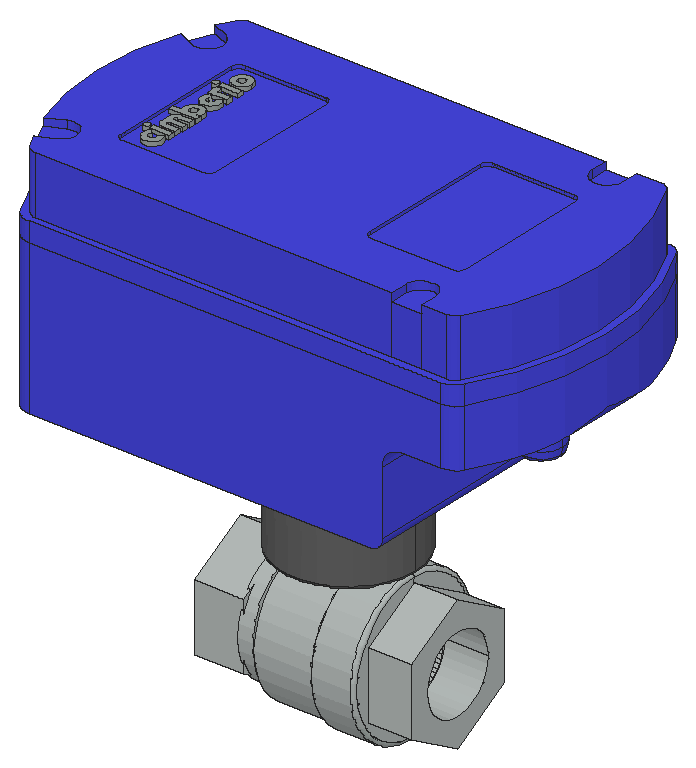
Revit family "QD29660000", category Apparecchi idraulici, Revit 2020
Family settings
  Quota connettore circolare = Usa diametro
  Tipo di parte = Normale
  Numero OmniClass = 23.45.00.00
  Titolo OmniClass = Sanitary, Laundry, and Cleaning Equipment
  Basato su piano di lavoro = No
  Sempre verticale = Sì
  Taglio con vuoti quando caricato = No
  Condiviso = No
  Punto di calcolo locali = No
Parameters
  URL = "https://web.cimberio.it/index.php/figura/1103?subcategoria_id=74926"
  Temperatura di esercizio = "-20 ÷ 150°C"
  Prospetto di default = 0 mm
  Produttore = "CIMBERIO SPA"
  Pressione nominale = "PN 45 (3/4\" ÷ 1\"); PN 35 (1\"1/4)"
  Modello = "Cim 602RE24"
  Materiale = "Prodotto in lega di ottone conforme alla norma EN 12165-CW617N-DW"
  Descrizione = "Utilizzato nei più svariati settori dell'impiantistica: impianti di riscaldamento, condizionamento, idrici, igienico-sanitari, aria compressa e in generale con ogni fluido non corrosivo.\r\nParticolarmente indicato come valvola di zona per la regolazione e contabilizzazione di impianti di riscaldamento singoli o a zone, impianti con utilizzazione di energie alternative, impianti con fluidi caldi o freddi e impianti di automazione in genere"
  DN Model [instance] = QD29661020 : QD29661020
  DN [instance] = 20 mm
  Commenti sul tipo = "Realizzato in ottemperanza ai requisiti gestionali della norma EN ISO 9001.\r\nCollaudato al 100% secondo la normativa EN 12266-1."
Reference planes
  plane 1 "Centro (Fronte/Retro)": y = 0
  plane 2: z = 0
  plane 3 "Centro (Sinistra/Destra)": x = 0
Dimensions and locks
  aligned and locked: level to plane 2
Nested families
  nested 1: "QD29661020" at (0, 0, 0), type <- "DN Model", type "QD29661020"
  nested 2: "QD29661020" at (0, 0, 0), type <- "DN Model", type "QD29661020"
  nested 3: "QD29661020" at (0, 0, 0), type <- "DN Model", type "QD29661020"
Connectors
  piping at (-28, 0, 0), diameter 20, driven by "DN"
    settings: on nested 1, index 1, connector inside diameter 609.6 mm, connector length 0 mm, flow factor 0, pipe flow 0.0 L/s, pressure drop 0.0 Pa, fitting loss kfactor 0, connector angle 0.00°, fixture units 0, engagement length 0 mm, angle of deflection 0.00°, flow configuration 0, flow direction 0, fitting loss method 0, system type 7, joint type 0, gender type 0, connector reference index -1, connector utility 0, adjustable connector no, is connector primary yes, connector description ""
  piping at (28.6, 0, 0), diameter 20, driven by "DN"
    settings: on nested 1, index 2, connector inside diameter 609.6 mm, connector length 0 mm, flow factor 0, pipe flow 0.0 L/s, pressure drop 0.0 Pa, fitting loss kfactor 0, connector angle 0.00°, fixture units 0, engagement length 0 mm, angle of deflection 0.00°, flow configuration 0, flow direction 0, fitting loss method 0, system type 7, joint type 0, gender type 0, connector reference index -1, connector utility 0, adjustable connector no, is connector primary no, connector description ""
Definition of nested family "QD29661020"
  Parameters (values of type "QD29661020")
    URL = "https://web.cimberio.it/index.php/figura/394?subcategoria_id="
    Temperatura di esercizio = "-10 ÷ 95°C"
    Default Elevation = 0 mm
    Manufacturer = "CIMBERIO SPA"
    Pressione nominale = "PN 16"
    Model = "Cim 32"
    Materiale = "Prodotto in lega di ottone conforme alla norma EN 12165-CW617N-DW"
    Description = "Impiegato nei più svariati settori dell'impiantistica in condutture anti-ritorno per: reti di distribuzione acqua potabile, impianti di riscaldamento, condizionamento, igienico-sanitari e in generale con ogni fluido non corrosivo."
    DN [instance] = 50 mm
    Type Comments = "Realizzato in ottemperanza ai requisiti gestionali della norma EN ISO 9001.\r\nCollaudato al 100% secondo la normativa EN 12266-1"
  Reference planes
    plane 1 "Centro (Fronte/Retro)": y = 0
    plane 2: z = 0
    plane 3 "Centro (Sinistra/Destra)": x = 0
  Forms (mm)
    Revolve 1, solid
      sketch origin (2.05, 0, 0) x (1, 0, 0) y (0, 0, 1)
        loop
          line (-11.8, -18.5) -> (2.95, -18.5) -> (3.95, -19.5) -> (14.05, -19.5)
          arc (14.05, -19.5) -> (14.757, -19.207) -> (15.05, -18.5) r 1
          line (15.05, -18.5) -> (15.05, -10) -> (-17.928, -10) -> (-17.928, -16.25) -> (-14.05, -16.25) -> (-11.8, -18.5)
        axis (-17.928, 0) -> (15.05, 0)
      angle from 0 to 360
    Extrusion 2, solid
      sketch origin (0, 0, 0) x (0, 1, 0) y (0, 0, 1)
        loop
          circle (0, 0) r 10
        loop
          line (0, 17.35) -> (-15.026, 8.675) -> (-15.026, -8.675) -> (0, -17.35) -> (15.026, -8.675) -> (15.026, 8.675) -> (0, 17.35)
      from -28 to -15.211
    Revolve 3, solid
      sketch origin (2.097, 0, 0) x (1, 0, 0) y (0, 0, 1)
        loop
          line (7.331, 37.805) -> (0, 37.805) -> (0, 13.864) -> (7.331, 13.864) -> (7.331, 37.805)
        axis (0, 37.805) -> (0, 13.864)
      angle from 0 to 360
    Extrusion 4, solid
      sketch origin (2.097, 0, 0) x (1, 0, 0) y (0, 0, 1)
        loop
          line (-11.431, 34.091) -> (-11.431, 13.864) -> (-6.253, 13.864) -> (-6.253, 34.091) -> (-11.431, 34.091)
      from -0.812 to 0.713
    Revolve 5, solid
      sketch origin (0, 0, -3.5) x (1, 0, 0) y (0, 0, 1)
        loop
          line (0, 51.8) -> (0, 36.671) -> (3.652, 36.671) -> (3.652, 23.3) -> (16.983, 23.3)
          arc (16.983, 23.3) -> (17.427, 23.419) -> (17.69, 23.796) r 0.672
          line (17.69, 23.796) -> (17.955, 46.8) -> (19, 46.8)
          arc (19, 46.8) -> (19.707, 47.093) -> (20, 47.8) r 1
          line (20, 47.8) -> (20, 51.8) -> (0, 51.8)
        axis (0, 51.8) -> (0, 23.3)
      angle from 0 to 360
    Extrusion 6, solid
      sketch origin (0, 0, -3.5) x (1, 0, 0) y (0, 1, 0)
        loop
          arc (-53.687, 37) -> (-56.156, 36.347) -> (-57.982, 34.56) r 5
          arc (-57.982, 34.56) -> (-67.5, 0) -> (-57.982, -34.56) r 67.5
          arc (-57.982, -34.56) -> (-56.156, -36.347) -> (-53.687, -37) r 5
          line (-53.687, -37) -> (53.687, -37)
          arc (53.687, -37) -> (56.156, -36.347) -> (57.982, -34.56) r 5
          arc (57.982, -34.56) -> (67.5, 0) -> (57.982, 34.56) r 67.5
          arc (57.982, 34.56) -> (56.156, 36.347) -> (53.687, 37) r 5
          line (53.687, 37) -> (-53.687, 37)
      from 51.8 to 91.8
    Extrusion 7, solid
      sketch origin (0, 0, 36.5) x (1, 0, 0) y (0, 1, 0)
        loop
          arc (-53.687, 37) -> (-56.156, 36.347) -> (-57.982, 34.56) r 5
          arc (-57.982, 34.56) -> (-67.5, 0) -> (-57.982, -34.56) r 67.5
          arc (-57.982, -34.56) -> (-56.156, -36.347) -> (-53.687, -37) r 5
          line (-53.687, -37) -> (53.687, -37)
          arc (53.687, -37) -> (56.156, -36.347) -> (57.982, -34.56) r 5
          arc (57.982, -34.56) -> (67.5, 0) -> (57.982, 34.56) r 67.5
          arc (57.982, 34.56) -> (56.156, 36.347) -> (53.687, 37) r 5
          line (53.687, 37) -> (-53.687, 37)
      from 51.8 to 56.8
    Extrusion 8, solid
      sketch origin (0, 0, -3.5) x (1, 0, 0) y (0, 1, 0)
        loop
          arc (-53.687, 35) -> (-55.168, 34.608) -> (-56.264, 33.536) r 3
          arc (-56.264, 33.536) -> (-57.395, 31.561) -> (-58.457, 29.547) r 65.5
          arc (-58.457, 29.547) -> (-60.152, 25.922) -> (-61.623, 22.2) r 65.5
          arc (-61.623, 22.2) -> (-65.5, 0) -> (-61.623, -22.2) r 65.5
          arc (-61.623, -22.2) -> (-60.152, -25.922) -> (-58.457, -29.547) r 65.5
          arc (-58.457, -29.547) -> (-57.395, -31.561) -> (-56.264, -33.536) r 65.5
          arc (-56.264, -33.536) -> (-55.168, -34.608) -> (-53.687, -35) r 3
          line (-53.687, -35) -> (39.293, -35) -> (47.293, -35) -> (53.687, -35)
          arc (53.687, -35) -> (55.168, -34.608) -> (56.264, -33.536) r 3
          arc (56.264, -33.536) -> (65.5, 0) -> (56.264, 33.536) r 65.5
          arc (56.264, 33.536) -> (55.168, 34.608) -> (53.687, 35) r 3
          line (53.687, 35) -> (47.293, 35) -> (39.293, 35) -> (-53.687, 35)
      from 96.8 to 111.8
    Extrusion 9, void
      sketch origin (0, 0, -3.5) x (1, 0, 0) y (0, 1, 0)
        loop
          arc (-57.295, 20.329) -> (-52.036, 22.412) -> (-54.12, 27.671) r 4
          line (-54.12, 27.671) -> (-59.289, 29.907) -> (-62.465, 22.564) -> (-57.295, 20.329)
        loop
          arc (-54.12, -27.671) -> (-52.036, -22.412) -> (-57.295, -20.329) r 4
          line (-57.295, -20.329) -> (-62.083, -22.399) -> (-58.908, -29.742) -> (-54.12, -27.671)
        loop
          arc (39.293, 30.5) -> (43.293, 26.5) -> (47.293, 30.5) r 4
          line (47.293, 30.5) -> (47.293, 35.946) -> (39.293, 35.946) -> (39.293, 30.5)
        loop
          line (39.293, -30.43) -> (39.293, -35) -> (47.293, -35) -> (47.293, -30.5)
          arc (47.293, -30.5) -> (43.293, -26.5) -> (39.293, -30.5) r 4
      from 109.8 to 117.274
    Extrusion 10, void
      sketch origin (0, 0, -3.5) x (1, 0, 0) y (0, 1, 0)
        loop
          line (-21.999, 20) -> (-43.001, 20)
          arc (-43.001, 20) -> (-44.415, 19.414) -> (-45, 18) r 2
          line (-45, 18) -> (-45, -18)
          arc (-45, -18) -> (-44.414, -19.415) -> (-42.999, -20) r 2
          line (-42.999, -20) -> (-21.999, -20)
          arc (-21.999, -20) -> (-20.585, -19.414) -> (-20, -18) r 2
          line (-20, -18) -> (-20, 18)
          arc (-20, 18) -> (-20.585, 19.414) -> (-21.999, 20) r 2
        loop
          arc (22.001, 20) -> (20.586, 19.415) -> (20, 18) r 2
          line (20, 18) -> (20, -18)
          arc (20, -18) -> (20.586, -19.415) -> (22.001, -20) r 2
          line (22.001, -20) -> (43.001, -20)
          arc (43.001, -20) -> (44.415, -19.414) -> (45, -18) r 2
          line (45, -18) -> (45, 18)
          arc (45, 18) -> (44.415, 19.414) -> (43.001, 20) r 2
          line (43.001, 20) -> (22.001, 20)
      from 111.039 to 121
    Extrusion 11, solid
      sketch origin (0, 0, 107.539) x (1, 0, 0) y (0, 1, 0)
        loop
          arc (-41.222, -13.089) -> (-39.283, -17.248) -> (-37.344, -13.089) r 2.531
          line (-37.344, -13.089) -> (-38.507, -14.066)
          arc (-38.507, -14.066) -> (-39.283, -15.729) -> (-40.058, -14.066) r 1.013
          line (-40.058, -14.066) -> (-41.222, -13.089)
        loop
          line (-36.751, -12.583) -> (-36.751, -11.064) -> (-41.814, -11.064) -> (-41.814, -12.583) -> (-36.751, -12.583)
        loop
          circle (-43.08, -11.824) r 0.861
        loop
          line (-36.751, -9.039) -> (-39.89, -9.039)
          arc (-39.89, -9.039) -> (-40.295, -8.634) -> (-39.89, -8.229) r 0.405
          line (-39.89, -8.229) -> (-36.751, -8.229) -> (-36.751, -6.711) -> (-39.89, -6.711)
          arc (-39.89, -6.711) -> (-40.295, -6.306) -> (-39.89, -5.901) r 0.405
          line (-39.89, -5.901) -> (-36.751, -5.901) -> (-36.751, -4.382) -> (-39.89, -4.382)
          arc (-39.89, -4.382) -> (-41.614, -5.451) -> (-41.422, -7.47) r 1.924
          arc (-41.422, -7.47) -> (-41.614, -9.489) -> (-39.89, -10.558) r 1.924
          line (-39.89, -10.558) -> (-36.751, -10.558) -> (-36.751, -9.039)
        loop
          line (-43.839, -3.876) -> (-36.751, -3.876) -> (-36.751, -2.357) -> (-37.544, -2.357) -> (-36.841, -2.013)
          arc (-36.841, -2.013) -> (-39.465, 1.18) -> (-41.603, -2.357) r 2.531
          line (-41.603, -2.357) -> (-43.839, -2.357) -> (-43.839, -3.876)
        loop
          circle (-39.283, -1.344) r 1.012
        loop
          arc (-41.013, 6.072) -> (-39.435, 1.698) -> (-37.344, 5.851) r 2.531
          line (-37.344, 5.851) -> (-38.507, 4.875)
          arc (-38.507, 4.875) -> (-38.282, 4.378) -> (-38.348, 3.836) r 1.013
          line (-38.348, 3.836) -> (-41.013, 6.072)
        loop
          line (-38.738, 3.371) -> (-40.218, 4.612)
          arc (-40.218, 4.612) -> (-39.934, 3.449) -> (-38.738, 3.371) r 1.013
        loop
          line (-36.751, 6.358) -> (-36.751, 7.876) -> (-40.426, 7.876)
          arc (-40.426, 7.876) -> (-41.131, 9.395) -> (-41.814, 7.867) r 0.92
          line (-41.814, 7.867) -> (-41.814, 6.358) -> (-36.751, 6.358)
        loop
          line (-36.751, 9.901) -> (-36.751, 11.42) -> (-41.814, 11.42) -> (-41.814, 9.901) -> (-36.751, 9.901)
        loop
          circle (-43.08, 10.661) r 0.861
        loop
          circle (-39.283, 14.458) r 2.531
        loop
          circle (-39.283, 14.458) r 1.012
      from 0 to 1
    Extrusion 12, void
      sketch origin (53.687, -37, -3.5) x (1, 0, 0) y (0, 0, -1)
        loop
          arc (10.861, -76.8) -> (12.982, -77.679) -> (13.861, -79.8) r 3
          line (13.861, -79.8) -> (18.861, -79.8) -> (18.861, -47.437) -> (-18.139, -47.437) -> (-18.139, -51.8)
          arc (-18.139, -51.8) -> (-16.018, -52.679) -> (-15.139, -54.8) r 3
          line (-15.139, -54.8) -> (-15.139, -71.8)
          arc (-15.139, -71.8) -> (-13.673, -75.338) -> (-10.133, -76.8) r 5
          line (-10.133, -76.8) -> (10.861, -76.8)
      from -27.232 to 98.451
    Revolve 13, solid
      sketch origin (53.687, 0, -3.5) x (-1, 0, 0) y (0, 0, -1)
        loop
          line (-2.306, -66.221) -> (-2.861, -76.8) -> (3.139, -76.8) -> (3.139, -63.8) -> (-1.381, -63.8)
          arc (-1.381, -63.8) -> (-1.763, -63.939) -> (-1.966, -64.291) r 0.594
          line (-1.966, -64.291) -> (-2.306, -66.221)
        axis (3.139, -63.8) -> (3.139, -76.8)
      angle from 0 to 360
    Extrusion 14, solid
      sketch origin (0, 0, 0) x (0, 1, 0) y (0, 0, -1)
        loop
          circle (0, 0) r 10
        loop
          line (0, -17.35) -> (15.026, -8.675) -> (15.026, 8.675) -> (0, 17.35) -> (-15.026, 8.675) -> (-15.026, -8.675) -> (0, -17.35)
      from -28.6 to -15.211
  Cuts and joins
    Extrusion 9, Extrusion 12 cuts Extrusion 6
    Extrusion 9 cuts Extrusion 7
    Extrusion 9, Extrusion 10 cuts Extrusion 8
  Dimensions and locks
    aligned and locked: level to plane 2
